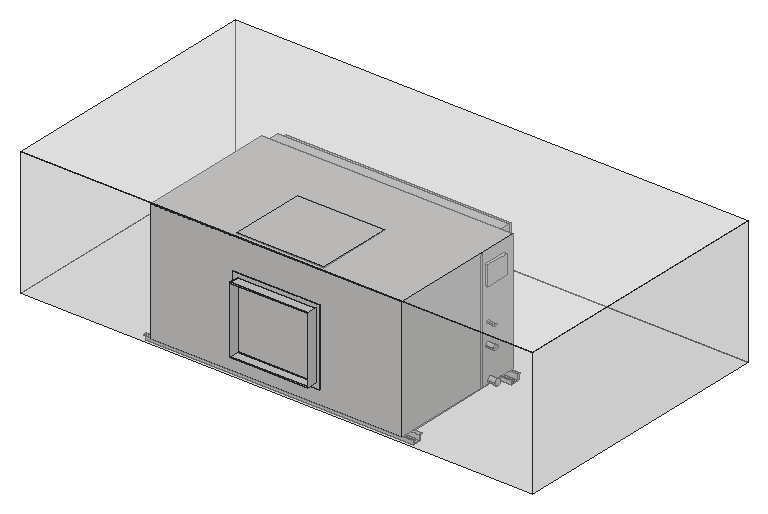
Revit family "outputfile", category 機械設備, Revit 2024
Family settings
  丸型コネクタ寸法 = 半径を使用
  パーツ タイプ = 標準
  OmniClass 番号 = 23.75.10.24.21.27.27
  OmniClass タイトル = Split System Air Conditioning Units
  作業面ベース = いいえ
  常に垂直 = はい
  ロード時にボイドで切り取り = いいえ
  注釈の向きを維持 = いいえ
  共有 = いいえ
  部屋計算ポイント = はい
Parameters (values of type "FBHN125HBY1C")
  Description = ""
  書き出し IFC クラス(タイプ) = "IfcUnitaryEquipmentType"
  定義済み IFC タイプ(タイプ) = "AIRCONDITIONINGUNIT"
  Cost = 0
  Type Comments = ""
  Keynote = ""
  Type Image = (empty or 0)
  Assembly Code = ""
  switch_frequency = yes
  lw_power = 780 mm
  lw_box = 21 mm
  lw_RA = 733.5 mm
  lh_liquidpipe_2 = 738 mm
  lh_height_SA = 408 mm
  lh_ld_mountinghole_height = 35 mm
  lh_height_RA = 646 mm
  lh_hangerfixture = 35 mm
  lh_gaspipe_2 = 638 mm
  lh_box_top = 65 mm
  lh_box = 120 mm
  lh_SA = 351 mm
  lh_RA = 413 mm
  ld_depth_SA = 60 mm
  ld_depth_RA = 130 mm
  ld_box_left = 630 mm
  ld_box = 141 mm
  connector_voltage = 0 V
  connector_powerinput = [Power Input (Cooling)]  # 11.350 kW
  connector_phase = 1
  Voltage_comment_50Hz = "380 - 415"
  Voltage_50Hz = 400 V
  URL = ""
  Supply Air Direction [instance] = yes
  製造元 = "Daikin"
  モデル = "FBHN125HBY1C"
  w_pipe = 33 mm
  r_Liquid Pipe Size = Liquid Pipe Size / 2  # 6.35 mm
  r_Gas Pipe Size = Gas Pipe Size / 2  # 14.3 mm
  r_Drain Pipe Size = Drain Pipe Size / 2  # 17.0 mm
  lw_width_RA = 1377 mm
  lw_width_SA = 474 mm
  ld_suctionflange [instance] = 190 mm
  ld_powersupply = 275 mm
  Sound Power Level_H speed (dB) = 0
  Phase_50Hz = 3
  Minimum External Static Pressure = 0.00 Pa
  Minimum Circuit Amps_50Hz = 0.0 A
  Maximum Fuse Amps_50Hz = 0.0 A
  Maximum External Static Pressure = 150.00 Pa
  Material_Casing = DAIKIN_GalvanizedSteel_Casing_indoorunit
  lw_liquidpipe = 822 mm
  lw_gaspipe = 822 mm
  lw_mountinghole_pitch = 1600 mm
  lw_mountinghole = 1640 mm
  lw_drainpipe = 822 mm
  lh_powersupply = 425 mm
  lh_liquidpipe = 384 mm
  lh_gaspipe = 259 mm
  lh_mountinghole = 2.3 mm
  lh_drainpipe = 61 mm
  lh_antena = Height - lh_mountinghole + 1 mm  # 774.7 mm
  ld_liquidpipe = 225 mm
  ld_gaspipe = 225 mm
  ld_mountinghole_pitch = 754 mm
  ld_drainpipe = 242 mm
  h*** = 0 mm  # constant formula
  d_dischargeflange = ld_depth_SA  # 60 mm
  Width = 1540 mm
  Version = "ver.1.0"
  Unit Type = "Duct"
  Unit Mass Weight = 159.00 kg
  Unit Designation [instance] = ""
  Uniclass2015Version = "Products v1.30"
  Uniclass2015Title = "Split coil room air conditioning units"
  Uniclass2015Code = "Pr_70_65_03_86"
  Total Cooling Capacity [instance] = 0.000 kW
  Sound Pressure Level_M speed (dBA) = 0
  Sound Pressure Level_L speed (dBA) = 0
  Sound Pressure Level_H speed (dBA) = 53
  Series = "Package Aircon_Fan Coil Unit"
  Sensible Cooling Capacity [instance] = 0.000 kW
  SA Duct Size Width = 474 mm
  SA Duct Size Height = 408 mm
  Refrigerant Type = "R410A"
  RA Duct Size Width = 1377 mm
  RA Duct Size Height = 646 mm
  Power Input (Cooling) = 11.350 kW
  Option Accessory 3 [instance] = ""
  Option Accessory 2 [instance] = ""
  Option Accessory 1 [instance] = ""
  Nominal Cooling Capacity = 36.600 kW
  Minimum Airflow = 0.00 m³/h
  Median Airflow = 0.00 m³/h
  Maximum Airflow = 6371.00 m³/h
  Load Classification = HVAC
  Liquid Pipe Size = 12.7 mm
  Link_Nested Family [instance] = ""
  IfcVersion = ""
  IfcExportType = "AIRCONDITIONINGUNIT"
  IfcExportAs = "IfcUnitaryEquipmentType"
  Height = 776 mm
  Heat Exchanger Type = "Cross Fin Coil"
  Gas Pipe Size = 28.6 mm
  Frequency_50Hz = 50 Hz
  Fan Type = "Sirocco Fan"
  Fan Drive = "-"
  FCU Tag No. [instance] = ""
  Drain Pipe Size = 34.0 mm
  Design Supply Airflow [instance] = 0.00 m³/h
  Design Return Airflow [instance] = 0.00 m³/h
  Design External Static Pressure [instance] = 0.00 Pa
  Depth = 850 mm
  既定の高さ = 0 mm
  Cooling Entering Wet Bulb Temperature [instance] = 0.00 °C
  Cooling Entering Dry Bulb Temperature [instance] = 0.00 °C
  Cooling Ambient Wet Bulb Temperature [instance] = 0.00 °C
  Cooling Ambient Dry Bulb Temperature [instance] = 0.00 °C
  Clearance visibility [instance] = yes
  Clearance Top = 0 mm
  Clearance Right = 800 mm
  Clearance Rear = 800 mm
  Clearance Left = 800 mm
  Clearance Front = 0 mm
  Clearance Bottom = 0 mm
Reference planes
  plane 1 "Center (Front/Back)": y = 0
  plane 2: z = 0
  plane 3 "Center (Left/Right)": x = 0
  plane 4 "Back": y = 425
  plane 5 "Front": y = -425
  plane 6 "Left": x = -770
  plane 7 "Right": x = 770
  plane 8 "Top": z = 0
  plane 9 "Bottom": z = -776
  plane 10: z = -392
  plane 11: z = -517
  plane 12: x = -800
  plane 13: x = 800
  plane 14: x = 822
  plane 15: x = 822
  plane 16: z = -773.7
  plane 17 "Clearance Left": x = -1570
  plane 18 "Clearance Right": x = 1570
  plane 19 "Clearance Rear": y = 1225
  plane 20 "Clearance Front": y = -425
  plane 21 "Clearance Bottom": z = -776
  plane 22: z = -715
  plane 23 "ld_gas": y = 225
  plane 24: y = 225
  plane 25: y = -30
  plane 26: y = 242
  plane 27: y = 235
  plane 28: x = 822
  plane 29: y = 377
  plane 30: y = -377
  plane 31: y = -485
  plane 32: y = 555
  plane 33 "Clearance Top": z = 0
  plane 34: z = -351
  plane 35: y = 275
  plane 36 "hangerfixture": z = -741
  plane 37 "lh_SA": z = -425
  plane 38 "lh_RA": z = -363
  plane 39 "RA_center": x = -36.5
  plane 40: x = 886
  plane 41: x = 791
  plane 42: y = 205
  plane 43: y = 346
  plane 44 "box_bottom": z = -185
  plane 45 "box_top": z = -65
  plane 46: x = -267
  plane 47: x = 267
  plane 48: y = -394.5
  plane 49: y = 73.5
  plane 50 "lw_power": x = 780
  plane 51: z = -38
  plane 52: z = -138
  plane 53: z = -1
Forms (mm)
  Extrusion 1, solid, material "DAIKIN_GalvanizedSteel_Casing_indoorunit" <- "Material_Casing"
    sketch origin (0, -0.8, 0) x (1, 0, 0) y (0, 1, 0)
      loop
        line (-770, -424.2) -> (770, -424.2) -> (770, 425.8) -> (-770, 425.8) -> (-770, -424.2)
    from -741 to -1
  Revolve 2, solid, material "DAIKIN_GalvanizedSteel_Casing_indoorunit" <- "Material_Casing"
    sketch origin (0, 0, -517) x (0, -1, 0) y (1, 0, 0)
      loop
        line (-210.7, 770) -> (-210.7, 822) -> (-225, 822) -> (-225, 770) -> (-210.7, 770)
      axis (-225, 770) -> (-225, 822)
    angle from 0 to 360
  Revolve 3, solid, material "DAIKIN_GalvanizedSteel_Casing_indoorunit" <- "Material_Casing"
    sketch origin (0, 0, -392) x (0, -1, 0) y (1, 0, 0)
      loop
        line (-225, 770) -> (-225, 822) -> (-231.35, 822) -> (-231.35, 770) -> (-225, 770)
      axis (-225, 822) -> (-225, 770)
    angle from 0 to 360
  Extrusion 4, solid, material "DAIKIN_GalvanizedSteel_Casing_indoorunit" <- "Material_Casing"
    sketch origin (0, 0, 0) x (0, 1, 0) y (0, 0, 1)
      loop
        circle (242, -715) r 17
    from 822 to 770
  Extrusion 5, solid, material "DAIKIN_GalvanizedSteel_Casing_indoorunit" <- "Material_Casing"
    sketch origin (0, 0, 0) x (1, 0, 0) y (0, 1, 0)
      loop
        line (791, 205) -> (791, 346) -> (770, 346) -> (770, 205) -> (791, 205)
    from -185 to -65
  Extrusion 6, solid, material "DAIKIN_GalvanizedSteel_Casing_indoorunit" <- "Material_Casing"
    sketch origin (0, 0, 0) x (-1, 0, 0) y (0, -1, 0)
      loop
        line (267, -73.5) -> (267, 394.5) -> (-267, 394.5) -> (-267, -73.5) -> (267, -73.5)
    from -1 to 0
  Extrusion 7, solid, material "DAIKIN_GalvanizedSteel_Casing_indoorunit" <- "Material_Casing"
    sketch origin (0, 0, 0) x (0, 1, 0) y (0, 0, 1)
      loop
        line (-339, -741) -> (-339, -743.3) -> (339, -743.3) -> (339, -741) -> (-339, -741)
    from -770 to 770
  Extrusion 8, solid, material "DAIKIN_GalvanizedSteel_Casing_indoorunit" <- "Material_Casing"
    sketch origin (770, 0, 0) x (0, 1, 0) y (0, 0, 1)
      loop
        line (174, -1) -> (174, -741) -> (184, -741) -> (184, -1) -> (174, -1)
    from 0 to 1
Dimensions and locks
  equal spacing: plane 12, plane 3 "Center (Left/Right)", plane 13
  "lw_mountinghole_pitch": plane 12 to plane 13
  "lh_liquidpipe": plane 10 to plane 9 "Bottom"
  "lh_gaspipe": plane 11 to plane 9 "Bottom"
  equal spacing: plane 6 "Left", plane 3 "Center (Left/Right)", plane 7 "Right"
  "Width": plane 6 "Left" to plane 7 "Right"
  "Clearance Right": plane 7 "Right" to plane 18 "Clearance Right"
  "Clearance Left": plane 17 "Clearance Left" to plane 6 "Left"
  "Clearance Rear": plane 19 "Clearance Rear" to plane 4 "Back"
  "Clearance Front": plane 5 "Front" to plane 20 "Clearance Front"
  "Depth": plane 4 "Back" to plane 5 "Front"
  equal spacing: plane 4 "Back", plane 1 "Center (Front/Back)", plane 5 "Front"
  "ld_suctionflange": plane 4 "Back" to plane 27
  "r_Liquid Pipe Size": nested 5 to Revolve 3 sketch curve
  equal spacing: plane 29, plane 1 "Center (Front/Back)", plane 30
  "ld_mountinghole_pitch": plane 29 to plane 30
  "lw_liquidpipe": plane 3 "Center (Left/Right)" to plane 14
  "lw_gaspipe": plane 3 "Center (Left/Right)" to plane 15
  "lw_drainpipe": plane 3 "Center (Left/Right)" to plane 28
  "lh_drainpipe": plane 22 to plane 9 "Bottom"
  "Clearance Top": plane 33 "Clearance Top" to plane 8 "Top"
  "Clearance Bottom": plane 9 "Bottom" to plane 21 "Clearance Bottom"
  "lh_powersupply": plane 34 to plane 9 "Bottom"
  level to plane 8 "Top" = 0 mm
  "lh_hangerfixture": plane 36 "hangerfixture" to plane 9 "Bottom"
  "lh_SA": plane 37 "lh_SA" to plane 9 "Bottom"
  "ld_depth_SA": plane 5 "Front" to plane 31
  "ld_depth_RA": plane 32 to plane 4 "Back"
  "lh_RA": plane 38 "lh_RA" to plane 9 "Bottom"
  "lw_RA": plane 6 "Left" to plane 39 "RA_center"
  "ld_box_left": plane 42 to plane 5 "Front"
  "ld_box": plane 43 to plane 42
  "lw_box": plane 7 "Right" to plane 41
  "lh_box": plane 45 "box_top" to plane 44 "box_bottom"
  plane 46 to plane 3 "Center (Left/Right)" to plane 47 = 267 mm locked, 267 mm locked
  plane 49 to plane 48 to plane 5 "Front" = 468 mm locked, 30.5 mm locked
  "lw_power": plane 3 "Center (Left/Right)" to plane 50 "lw_power"
  "lh_gaspipe_2": plane 52 to plane 9 "Bottom"
  "lh_liquidpipe_2": plane 51 to plane 9 "Bottom"
  "ld_powersupply": plane 1 "Center (Front/Back)" to plane 35
  "ld_drainpipe": plane 26 to plane 1 "Center (Front/Back)"
  "ld_gaspipe": plane 23 "ld_gas" to plane 1 "Center (Front/Back)"
  "r_Gas Pipe Size": plane 23 "ld_gas" to Revolve 2 sketch curve
  "ld_liquidpipe": plane 24 to plane 1 "Center (Front/Back)"
  "Height": plane 8 "Top" to plane 9 "Bottom"
  "lh_mountinghole": plane 16 to plane 9 "Bottom"
  locked: plane 8 "Top" to plane 53 at 1
  Extrusion 8 sketch curve to Extrusion 8 sketch curve to plane 4 "Back" = 10 mm locked, 241 mm locked
  "lh_box_top": plane 8 "Top" to plane 45 "box_top"
  "r_Drain Pipe Size": radius of Extrusion 4 sketch curve
  aligned and locked: level to plane 2
  aligned and locked: Revolve 2 sketch curve to Revolve 2 sketch curve
  aligned and locked: plane 14 to nested 5
  aligned and locked: nested 5 to plane 10
  aligned and locked: plane 13 to nested 2
  aligned and locked: plane 12 to nested 3
  aligned and locked: plane 12 to nested 4
  aligned and locked: nested 6 to plane 11
  aligned and locked: plane 23 "ld_gas" to nested 6
  aligned and locked: plane 24 to nested 5
  aligned and locked: Extrusion 4 sketch curve to plane 26
  aligned and locked: nested 11 to plane 19 "Clearance Rear"
  aligned and locked: plane 18 "Clearance Right" to nested 11
  aligned and locked: plane 17 "Clearance Left" to nested 11
  aligned and locked: nested 11 to plane 20 "Clearance Front"
  aligned and locked: plane 28 to Extrusion 4
  aligned and locked: plane 15 to nested 6  (x2)
  aligned and locked: plane 13 to nested 1
  aligned and locked: plane 26 to nested 7
  aligned and locked: nested 7 to plane 22
  aligned and locked: nested 7 to plane 28
  aligned and locked: nested 9 to plane 1 "Center (Front/Back)"
  aligned and locked: plane 3 "Center (Left/Right)" to nested 9
  aligned and locked: plane 29 to nested 1
  aligned and locked: plane 30 to nested 2
  aligned and locked: nested 4 to plane 29
  aligned and locked: nested 3 to plane 30
  aligned and locked: nested 10 to plane 4 "Back"
  aligned and locked: nested 8 to plane 31
  aligned and locked: plane 32 to nested 14
  aligned and locked: plane 3 "Center (Left/Right)" to nested 13
  aligned and locked: nested 11 to plane 33 "Clearance Top"
  aligned and locked: nested 11 to plane 21 "Clearance Bottom"
  aligned and locked: nested 12 to plane 9 "Bottom"
  aligned and locked: plane 36 "hangerfixture" to Extrusion 1
  aligned and locked: plane 37 "lh_SA" to nested 8
  aligned and locked: Extrusion 1 to plane 5 "Front"
  aligned and locked: nested 13 to plane 31
  aligned and locked: plane 37 "lh_SA" to nested 13
  aligned and locked: Extrusion 1 to plane 4 "Back"
  aligned and locked: plane 38 "lh_RA" to nested 10
  aligned and locked: nested 14 to plane 38 "lh_RA"
  aligned and locked: plane 39 "RA_center" to nested 10
  aligned and locked: nested 14 to plane 39 "RA_center"
  aligned and locked: plane 43 to Extrusion 5 sketch curve
  aligned and locked: Extrusion 5 sketch curve to plane 42
  aligned and locked: plane 45 "box_top" to Extrusion 5
  aligned and locked: Extrusion 5 to plane 44 "box_bottom"
  aligned and locked: Extrusion 6 sketch curve to plane 49
  aligned and locked: Extrusion 6 sketch curve to plane 46
  aligned and locked: plane 48 to Extrusion 6 sketch curve
  aligned and locked: plane 47 to Extrusion 6 sketch curve
  aligned and locked: nested 16 to plane 51
  aligned and locked: nested 17 to plane 52
  aligned and locked: plane 14 to nested 16
  aligned and locked: nested 15 to plane 35
  aligned and locked: Revolve 2 sketch curve to plane 23 "ld_gas"
  aligned and locked: plane 23 "ld_gas" to nested 17
  aligned and locked: plane 24 to nested 16
  aligned and locked: plane 36 "hangerfixture" to Extrusion 7 sketch curve
  aligned and locked: Extrusion 7 sketch curve to nested 12  (x3)
  aligned and locked: Extrusion 7 to plane 6 "Left"
  aligned and locked: plane 7 "Right" to Extrusion 7
  aligned and locked: nested 15 to plane 50 "lw_power"
  aligned and locked: level to plane 8 "Top"
  aligned and locked: Extrusion 5 sketch curve to plane 41
  aligned and locked: plane 7 "Right" to Extrusion 5 sketch curve
  aligned and locked: plane 53 to Extrusion 1
  aligned and locked: Extrusion 6 to plane 53
  aligned and locked: plane 8 "Top" to Extrusion 6
  aligned and locked: Extrusion 4 to plane 7 "Right"
  aligned and locked: Revolve 3 to plane 7 "Right"
  aligned and locked: plane 7 "Right" to Revolve 2
  aligned and locked: nested 15 to plane 45 "box_top"
  aligned and locked: Extrusion 8 sketch curve to plane 36 "hangerfixture"
  aligned and locked: Extrusion 8 sketch curve to plane 53
Automatic sketch dimensions
  Extrusion 1 sketch curve to plane 4 "Back" = 0 mm
  Extrusion 1 sketch curve to plane 6 "Left" = 0 mm
  Extrusion 1 sketch curve to plane 5 "Front" = 0 mm
  Extrusion 1 sketch curve to plane 7 "Right" = 0 mm
  Revolve 3 sketch curve to plane 23 "ld_gas" = 0 mm  (x2)
  Revolve 3 sketch curve to plane 14 = 0 mm  (x2)
  plane 7 "Right" to Revolve 3 sketch curve = 0 mm
  plane 7 "Right" to Revolve 3 sketch curve = 1 mm
  Extrusion 4 sketch curve to plane 22 = 0 mm
  Revolve 2 sketch curve to plane 7 "Right" = 0 mm
  Revolve 2 sketch curve to plane 14 = 0 mm
  plane 7 "Right" to Revolve 2 sketch curve = 2.003 mm
  plane 14 to Revolve 2 sketch curve = 1.003 mm
Nested families
  nested 1: "daikin_mountinghole" at (800, 377, -776), Link_Nested Family <- "Link_Nested Family", h_mountinghole <- "lh_mountinghole", l_antenna <- "lh_antena", type "daikin_mountinghole"
    with show yes, l_antenna 774.7 mm, h_mountinghole 2.3 mm, Link_Nested Family "", d_circle 23 mm
  nested 2: "daikin_mountinghole" at (800, -377, -776), Link_Nested Family <- "Link_Nested Family", h_mountinghole <- "lh_mountinghole", l_antenna <- "lh_antena", type "daikin_mountinghole"
    with show yes, l_antenna 774.7 mm, h_mountinghole 2.3 mm, Link_Nested Family "", d_circle 23 mm
  nested 3: "daikin_mountinghole" at (-800, -377, -776), Link_Nested Family <- "Link_Nested Family", h_mountinghole <- "lh_mountinghole", l_antenna <- "lh_antena", type "daikin_mountinghole"
    with show yes, l_antenna 774.7 mm, h_mountinghole 2.3 mm, Link_Nested Family "", d_circle 23 mm
  nested 4: "daikin_mountinghole" at (-800, 377, -776), Link_Nested Family <- "Link_Nested Family", h_mountinghole <- "lh_mountinghole", l_antenna <- "lh_antena", type "daikin_mountinghole"
    with show yes, l_antenna 774.7 mm, h_mountinghole 2.3 mm, Link_Nested Family "", d_circle 23 mm
  nested 5: "daikin_connector_rotate2" at (0, 225, -392) x (0, 1, 0) z (0, 0, 1), length <- "lw_liquidpipe", built-in parameter 1001364 <- "lh_liquidpipe", radius <- "r_Liquid Pipe Size", type "daikin_connector_rotate2"
    with radius 6.35 mm, length 822 mm, angle_vertical 90.00°
  nested 6: "daikin_connector_rotate2" at (0, 225, -517) x (0, 1, 0) z (0, 0, 1), length <- "lw_gaspipe", built-in parameter 1001364 <- "lh_gaspipe", radius <- "r_Gas Pipe Size", type "daikin_connector_rotate2"
    with radius 14.3 mm, length 822 mm, angle_vertical 90.00°
  nested 7: "daikin_connector_rotate2" at (0, 242, -715) x (0, 1, 0) z (0, 0, 1), built-in parameter 1001364 <- "lh_drainpipe", length <- "lw_drainpipe", radius <- "r_Drain Pipe Size", type "daikin_connector_rotate2"
    with radius 17 mm, length 822 mm, angle_vertical 90.00°
  nested 8: "daikin_connector_rotate2" at (0, -425, -425), length <- "d_dischargeflange", type "daikin_connector_rotate2"
    with radius 10 mm, length 60 mm, angle_vertical 90.00°
  nested 9: "daikin_△_symbolicline" at (-75, -129.904, 9) x (-0.5, 0.866, 0) z (0, 0, 1), visible <- "Supply Air Direction", type "daikin_△_symbolicline"
    with length 300 mm
  nested 10: "daikin_ductflange_FBHN-HBY1C" at (-36.5, 425, -363), material <- "Material_Casing", width <- "lw_width_RA", height <- "lh_height_RA", depth <- "ld_depth_RA", type "daikin_ductflange_FBHN-HBY1C"
    with width 1377 mm, material DAIKIN_GalvanizedSteel_Casing_indoorunit, height 646 mm, depth 130 mm
  nested 11: "daikin_clearancespace" at (0, 400, -387.881), visible <- "Clearance visibility", show <- "Clearance visibility", Link_Nested Family <- "Link_Nested Family", type "daikin_clearancespace"
    with width 3140 mm, show yes, height 776 mm, depth 1650 mm, Link_Nested Family ""
  nested 12: "daikin_hangerfixture_FBHN-HBY1C" at (0, 0, -776), type "daikin_hangerfixture_FBHN-HBY1C"
  nested 13: "daikin_ductflange_FBHN-HBY1C_1" at (0, -416, -614.401), width <- "lw_width_SA", material <- "Material_Casing", height <- "lh_height_SA", depth <- "ld_depth_SA", type "daikin_ductflange_FBHN-HBY1CL_1"
    with width 474 mm, material DAIKIN_GalvanizedSteel_Casing_indoorunit, height 408 mm, depth 60 mm
  nested 14: "daikin_connector_rotate2" at (-36.5, 425, -363) x (-1, 0, 0) z (0, 0, 1), length <- "ld_depth_RA", type "daikin_connector_rotate2"
    with radius 10 mm, length 130 mm, angle_vertical 90.00°
  nested 15: "daikin_connector_rotate2" at (780, 275, -65) x (0, 1, 0) z (1, 0, 0), length <- "lh_box", type "daikin_connector_rotate2"
    with radius 10 mm, length 120 mm, angle_vertical 90.00°
  nested 16: "daikin_connector_rotate2" at (0, 225, -38) x (0, 1, 0) z (0, 0, 1), length <- "lw_liquidpipe", built-in parameter 1001364 <- "lh_liquidpipe", radius <- "r_Liquid Pipe Size", type "daikin_connector_rotate2"
    with radius 6.35 mm, length 822 mm, angle_vertical 90.00°
  nested 17: "daikin_connector_rotate2" at (0, 225, -138) x (0, 1, 0) z (0, 0, 1), length <- "lw_gaspipe", built-in parameter 1001364 <- "lh_gaspipe", radius <- "r_Gas Pipe Size", type "daikin_connector_rotate2"
    with radius 14.3 mm, length 822 mm, angle_vertical 90.00°
Connectors
  piping at (822, 225, -517), diameter 28.6, driven by "r_Gas Pipe Size"
    settings: on nested 6, index 1, connector inside diameter 609.6 mm, connector length 0 mm, flow factor 0, pipe flow 0.00 m³/h, pressure drop 0.0 Pa, fitting loss kfactor 0, connector angle 0.00°, fixture units 0, engagement length 0 mm, angle of deflection 0.00°, flow configuration 1, flow direction 2, fitting loss method 0, system type 29, joint type 0, gender type 0, connector reference index -1, connector utility 0, adjustable connector no, is connector primary yes, connector description "Refrigerant Gas Piping"
  piping at (822, 225, -392), diameter 12.7, driven by "r_Liquid Pipe Size"
    settings: on nested 5, index 2, connector inside diameter 609.6 mm, connector length 0 mm, flow factor 0, pipe flow 0.00 m³/h, pressure drop 0.0 Pa, fitting loss kfactor 0, connector angle 0.00°, fixture units 0, engagement length 0 mm, angle of deflection 0.00°, flow configuration 1, flow direction 1, fitting loss method 0, system type 29, joint type 0, gender type 0, connector reference index -1, connector utility 0, adjustable connector no, is connector primary no, connector description "Refrigerant Liquid Piping"
  piping at (822, 242, -715), diameter 34, driven by "r_Drain Pipe Size"
    settings: on nested 7, index 3, connector inside diameter 609.6 mm, connector length 0 mm, flow factor 0, pipe flow 0.00 m³/h, pressure drop 0.0 Pa, fitting loss kfactor 0, connector angle 0.00°, fixture units 0, engagement length 0 mm, angle of deflection 0.00°, flow configuration 1, flow direction 2, fitting loss method 4, system type 16, joint type 0, gender type 0, connector reference index -1, connector utility 0, adjustable connector no, is connector primary no, connector description "Condensate Drain Piping"
  hvac at (0, -485, -425), driven by "SA Duct Size Height", driven by "SA Duct Size Width"
    settings: on nested 8, index 7, duct flow 0.00 m³/h, flow factor 0, pres drop 0.00 Pa, loss coef 0, conn angle 0.00°, conn width 474.0 mm, conn height 408.0 mm, conn diameter 609.6 mm, duct sys type 1, conn prof type 1, flow config 0, flow direction 2, loss method 4, conn ref index -1, conn util no, is conn primary yes, conn desc "SA Duct"
  hvac at (-36.5, 555, -363), driven by "RA Duct Size Width", driven by "RA Duct Size Height"
    settings: on nested 14, index 8, duct flow 0.00 m³/h, flow factor 0, pres drop 0.00 Pa, loss coef 0, conn angle 0.00°, conn width 1377.0 mm, conn height 646.0 mm, conn diameter 609.6 mm, duct sys type 2, conn prof type 1, flow config 0, flow direction 1, loss method 4, conn ref index -1, conn util no, is conn primary no, conn desc "RA Duct"
  electrical at (780, 275, -185), driven by "Load Classification", driven by "connector_phase", driven by "connector_powerinput", driven by "connector_voltage"
    settings: on nested 15, index 9, voltage 0 V, apparent load 11350 VA, apparent load phase1 0 VA, apparent load phase2 0 VA, apparent load phase3 0 VA, power factor 1, load classification "HVAC", number of poles 1, system type 30, power factor state 1, is connector primary yes, connector utility no, sub classification motor no, connector description "Power Supply"
Definition of nested family "daikin_ductflange_FBHN-HBY1C"
  Parameters (values of type "daikin_ductflange_FDN-HTL")
    width [instance] = 1624 mm
    t2 = 19 mm
    t = 1 mm
    material [instance] = none
    height [instance] = 747 mm
    depth [instance] = 130 mm
    Default Elevation = 0 mm
  Reference planes
    plane 1 "Center (Front/Back)": y = 0
    plane 2: z = 0
    plane 3 "Center (Left/Right)": x = 0
    plane 4: x = -812
    plane 5: x = 812
    plane 6: z = 373.5
    plane 7: z = -373.5
    plane 8: y = 90
    plane 9: y = 130
    plane 10: x = -811
    plane 11: x = 811
    plane 12: z = -372.5
    plane 13: z = 372.5
    plane 14: x = -831
    plane 15: x = 831
    plane 16: z = 392.5
    plane 17: z = -392.5
  Forms (mm)
    Extrusion 1, solid, material <- "material"
      sketch origin (0, 0, 0) x (1, 0, 0) y (0, 0, 1)
        loop
          line (-831, 392.5) -> (-831, -392.5) -> (831, -392.5) -> (831, 392.5) -> (-831, 392.5)
        loop
          line (-812, 373.5) -> (-812, -373.5) -> (812, -373.5) -> (812, 373.5) -> (-812, 373.5)
      from 0 to -90
    Extrusion 2, solid, material <- "material"
      sketch origin (0, 0, 0) x (1, 0, 0) y (0, 0, 1)
        loop
          line (-812, 373.5) -> (-812, -373.5) -> (812, -373.5) -> (812, 373.5) -> (-812, 373.5)
        loop
          line (811, 372.5) -> (-811, 372.5) -> (-811, -372.5) -> (811, -372.5) -> (811, 372.5)
      from -130 to -90
  Cuts and joins
    joined: Extrusion 1, Extrusion 2
  Dimensions and locks
    equal spacing: plane 5, plane 3 "Center (Left/Right)", plane 4
    "width": plane 5 to plane 4
    equal spacing: plane 6, level, plane 7
    "height": plane 6 to plane 7
    locked: plane 1 "Center (Front/Back)" to plane 8 at 90
    "depth": plane 1 "Center (Front/Back)" to plane 9
    "t": plane 6 to plane 13
    "t": plane 12 to plane 7
    "t": plane 5 to plane 11
    "t": plane 10 to plane 4
    "t2": plane 4 to plane 14
    "t2": plane 15 to plane 5
    "t2": plane 16 to plane 6
    "t2": plane 7 to plane 17
    aligned and locked: level to plane 2
    aligned and locked: Extrusion 1 to plane 8
    aligned and locked: plane 1 "Center (Front/Back)" to Extrusion 1
    aligned and locked: Extrusion 2 to plane 9
    aligned and locked: Extrusion 2 to Extrusion 1
    aligned and locked: plane 13 to Extrusion 2 sketch curve
    aligned and locked: plane 11 to Extrusion 2 sketch curve
    aligned and locked: Extrusion 2 sketch curve to plane 12
    aligned and locked: Extrusion 2 sketch curve to plane 10
    aligned and locked: Extrusion 1 sketch curve to plane 16
    aligned and locked: plane 14 to Extrusion 1 sketch curve
    aligned and locked: plane 17 to Extrusion 1 sketch curve
    aligned and locked: Extrusion 1 sketch curve to plane 15
    aligned and locked: Extrusion 1 sketch curve to plane 6
    aligned and locked: Extrusion 1 sketch curve to plane 5
    aligned and locked: plane 4 to Extrusion 1 sketch curve
    aligned and locked: plane 7 to Extrusion 1 sketch curve
  Automatic sketch dimensions
    Extrusion 2 sketch curve to plane 4 = 0 mm
    Extrusion 2 sketch curve to plane 5 = 0 mm
    Extrusion 2 sketch curve to plane 7 = 0 mm
    Extrusion 2 sketch curve to plane 6 = 0 mm
Definition of nested family "daikin_clearancespace"
  Parameters (values of type "daikin_clearancespace")
    Description = "daikin_clearancespace"
    width [instance] = 1823.963 mm
    show [instance] = yes
    material = none
    height [instance] = 1359.762 mm
    depth [instance] = 880 mm
    Default Elevation = 0 mm
    Link_Nested Family [instance] = ""
  Reference planes
    plane 1 "Center (Front/Back)": y = 0
    plane 2 "Center (Elevation)": z = -0.119
    plane 3 "Center (Left/Right)": x = 0
    plane 4: y = 440
    plane 5: y = -440
    plane 6 "Right": x = 911.982
    plane 7 "Left": x = -911.982
    plane 8 "Top": z = 679.762
    plane 9 "Bottom": z = -680
  Forms (mm)
    Extrusion 1, solid, material <- "material", visible <- "show"
      sketch origin (0, 0, 0) x (1, 0, 0) y (0, 1, 0)
        loop
          line (-911.982, 440) -> (-911.982, -440) -> (911.982, -440) -> (911.982, 440) -> (-911.982, 440)
      from -680 to 679.762
  Lines and regions (mm)
    symbolic lines, visible <- "show"
      curve 1: line (911.982, 440, 0) -> (-911.982, 440, 0)
      curve 2: line (-911.982, 440, 0) -> (-911.982, -440, 0)
      curve 3: line (-911.982, -440, 0) -> (911.982, -440, 0)
      curve 4: line (911.982, -440, 0) -> (911.982, 440, 0)
      curve 5: line (911.982, 0, 679.762) -> (-911.982, 0, 679.762)
      curve 6: line (911.982, 0, -680) -> (911.982, 0, 679.762)
      curve 7: line (-911.982, 0, -680) -> (911.982, 0, -680)
      curve 8: line (-911.982, 0, 679.762) -> (-911.982, 0, -680)
      curve 9: line (0, 440, 679.762) -> (0, -440, 679.762)
      curve 10: line (0, -440, 679.762) -> (0, -440, -680)
      curve 11: line (0, 440, -680) -> (0, 440, 679.762)
      curve 12: line (0, -440, -680) -> (0, 440, -680)
  Dimensions and locks
    "width": plane 7 "Left" to plane 6 "Right"
    "depth": plane 4 to plane 5
    "height": plane 8 "Top" to plane 9 "Bottom"
    equal spacing: plane 7 "Left", plane 3 "Center (Left/Right)", plane 6 "Right"
    equal spacing: plane 4, plane 1 "Center (Front/Back)", plane 5
    equal spacing: plane 8 "Top", plane 2 "Center (Elevation)", plane 9 "Bottom"
    aligned and locked: level to plane 2 "Center (Elevation)"
    aligned and locked: Extrusion 1 sketch curve to plane 4
    aligned and locked: plane 7 "Left" to Extrusion 1 sketch curve
    aligned and locked: Extrusion 1 sketch curve to plane 5
    aligned and locked: Extrusion 1 sketch curve to plane 6 "Right"
    aligned and locked: plane 8 "Top" to Extrusion 1
    aligned and locked: curve 1 to Extrusion 1
    aligned and locked: curve 2 to Extrusion 1
    aligned and locked: curve 3 to Extrusion 1
    aligned and locked: curve 4 to Extrusion 1
    aligned and locked: curve 5 to Extrusion 1
    aligned and locked: curve 6 to Extrusion 1
    aligned and locked: curve 7 to Extrusion 1
    aligned and locked: curve 8 to Extrusion 1
    aligned and locked: curve 9 to Extrusion 1
    aligned and locked: curve 10 to Extrusion 1
    aligned and locked: curve 11 to Extrusion 1
    aligned and locked: curve 12 to Extrusion 1
    aligned and locked: Extrusion 1 to plane 9 "Bottom"
Definition of nested family "daikin_hangerfixture_FBHN-HBY1C"
  Parameters (values of type "daikin_hangerfixture_FDN-HTL")
    width = 1600 mm
    material = none
    height = 35 mm
    e = 38 mm
    depth = 754 mm
    Default Elevation = 0 mm
    G = 1640 mm
    E = 50 mm
  Reference planes
    plane 1 "Center (Front/Back)": y = 0
    plane 2: z = 0
    plane 3 "Center (Left/Right)": x = 0
    plane 4: x = 800
    plane 5: x = -800
    plane 6: z = 35
    plane 7: y = 377
    plane 8: y = -377
    plane 9: x = -820
    plane 10: x = 820
    plane 11: y = 415
    plane 12: y = -415
    plane 13: y = -339
    plane 14: y = 339
  Forms (mm)
    Extrusion 1, solid
      sketch origin (0, 0, 0) x (0, 1, 0) y (0, 0, 1)
        loop
          line (-354, 35) -> (-354, 2.3) -> (-400, 2.3) -> (-400, 35) -> (-415, 35) -> (-415, 32.7) -> (-402.3, 32.7) -> (-402.3, 0) -> (-351.7, 0) -> (-351.7, 32.7) -> (-339, 32.7) -> (-339, 35) -> (-354, 35)
        loop
          line (354, 35) -> (339, 35) -> (339, 32.7) -> (351.7, 32.7) -> (351.7, 0) -> (402.3, 0) -> (402.3, 32.7) -> (415, 32.7) -> (415, 35) -> (400, 35) -> (400, 2.3) -> (354, 2.3) -> (354, 35)
      from -820 to 820
    Extrusion 2, void
      sketch origin (0, 0, 0) x (1, 0, 0) y (0, 1, 0)
        loop
          circle (-800, 377) r 7.5
        loop
          circle (-800, -377) r 7.5
        loop
          circle (800, -377) r 7.5
        loop
          circle (800, 377) r 7.5
      from 0 to 9
  Cuts and joins
    Extrusion 2 cuts Extrusion 1
  Dimensions and locks
    "width": plane 5 to plane 4
    equal spacing: plane 5, plane 3 "Center (Left/Right)", plane 4
    "depth": plane 8 to plane 7
    equal spacing: plane 8, plane 1 "Center (Front/Back)", plane 7
    "height": plane 6 to level
    "e": plane 7 to plane 11
    "e": plane 12 to plane 8
    equal spacing: Extrusion 1 sketch curve, plane 8, Extrusion 1 sketch curve  (x2)
    "e": Extrusion 1 sketch curve to plane 8 to Extrusion 1 sketch curve
    locked: Extrusion 1 sketch curve to level at 2.3  (x2)
    "e": plane 7 to Extrusion 1 sketch curve  (x2)
    equal spacing: Extrusion 1 sketch curve, plane 7, Extrusion 1 sketch curve  (x2)
    equal spacing: plane 9, plane 3 "Center (Left/Right)", plane 10
    "G": plane 9 to plane 10
    aligned and locked: level to plane 2
    aligned and locked: plane 6 to Extrusion 1 sketch curve  (x2)
    aligned and locked: Extrusion 1 sketch curve to level
    aligned and locked: level to Extrusion 1 sketch curve
    aligned and locked: Extrusion 1 to plane 9
    aligned and locked: plane 10 to Extrusion 1
    aligned and locked: plane 7 to Extrusion 2 sketch curve  (x2)
    aligned and locked: plane 5 to Extrusion 2 sketch curve  (x2)
    aligned and locked: plane 8 to Extrusion 2 sketch curve  (x2)
    aligned and locked: plane 4 to Extrusion 2 sketch curve  (x2)
    aligned and locked: cut or joined group of Extrusion 1, Extrusion 2 to plane 14  (x2)
    aligned and locked: plane 13 to cut or joined group of Extrusion 1, Extrusion 2
  Automatic sketch dimensions
    Extrusion 1 sketch curve to plane 6 = 0 mm  (x2)
    Extrusion 1 sketch curve to plane 6 = 2.3 mm  (x3)
    Extrusion 1 sketch curve to plane 12 = 12.7 mm
    Extrusion 1 sketch curve to Extrusion 1 sketch curve = 2.3 mm  (x3)
    plane 14 to Extrusion 1 sketch curve = 12.7 mm
    radius of Extrusion 2 sketch curve = 7.5 mm  (x4)
Definition of nested family "daikin_ductflange_FBHN-HBY1C_1"
  Parameters (values of type "daikin_ductflange_FDN-HTL_1")
    width [instance] = 474 mm
    t3 = 9 mm
    t2 = 30 mm
    t [instance] = 1.2 mm
    material [instance] = none
    height [instance] = 408 mm
    depth [instance] = 60 mm
    Default Elevation = 0 mm
  Reference planes
    plane 1 "Center (Front/Back)": y = 0
    plane 2: z = 189.401
    plane 3 "Center (Left/Right)": x = 0
    plane 4: y = 0
    plane 5: y = -69
    plane 6: y = -9
    plane 7: z = 394.601
    plane 8: z = -15.799
    plane 9: x = -237
    plane 10: x = 237
    plane 11: x = -238.2
    plane 12: x = 238.2
    plane 13: z = 393.401
    plane 14: z = -14.599
    plane 15: x = -267
    plane 16: z = 423.401
    plane 17: z = -44.599
    plane 18: x = 267
  Forms (mm)
    Extrusion 1, solid, material <- "material"
      sketch origin (0, 0, 0) x (1, 0, 0) y (0, 0, 1)
        loop
          line (-238.2, 394.601) -> (-238.2, -15.799) -> (238.2, -15.799) -> (238.2, 394.601) -> (-238.2, 394.601)
        loop
          line (-237, 393.401) -> (-237, -14.599) -> (237, -14.599) -> (237, 393.401) -> (-237, 393.401)
      from 9 to 69
    Extrusion 2, solid, material <- "material"
      sketch origin (0, 0, 0) x (1, 0, 0) y (0, 0, 1)
        loop
          line (-267, 423.401) -> (-267, -44.599) -> (267, -44.599) -> (267, 423.401) -> (-267, 423.401)
        loop
          line (-237, 393.401) -> (-237, -14.599) -> (237, -14.599) -> (237, 393.401) -> (-237, 393.401)
      from 0 to 9
  Cuts and joins
    joined: Extrusion 1, Extrusion 2
  Dimensions and locks
    plane 4 to plane 1 "Center (Front/Back)" = 0 mm
    equal spacing: plane 7, level, plane 8
    "height": plane 13 to plane 14
    equal spacing: plane 10, plane 3 "Center (Left/Right)", plane 9
    "t": plane 9 to plane 11
    "t": plane 12 to plane 10
    "t": plane 7 to plane 13
    "t": plane 14 to plane 8
    "t2": plane 9 to plane 15
    "t2": plane 18 to plane 10
    "t2": plane 16 to plane 13
    "t2": plane 14 to plane 17
    "width": plane 10 to plane 9
    "depth": plane 5 to plane 6
    "t3": plane 6 to plane 4
    aligned and locked: level to plane 2
    aligned and locked: Extrusion 1 sketch curve to plane 7
    aligned and locked: plane 11 to Extrusion 1 sketch curve
    aligned and locked: plane 8 to Extrusion 1 sketch curve
    aligned and locked: Extrusion 1 sketch curve to plane 12
    aligned and locked: Extrusion 1 sketch curve to plane 13
    aligned and locked: plane 9 to Extrusion 1 sketch curve
    aligned and locked: plane 14 to Extrusion 1 sketch curve
    aligned and locked: Extrusion 1 sketch curve to plane 10
    aligned and locked: plane 6 to Extrusion 1
    aligned and locked: Extrusion 1 to plane 5
    aligned and locked: Extrusion 2 sketch curve to plane 16
    aligned and locked: plane 15 to Extrusion 2 sketch curve
    aligned and locked: plane 17 to Extrusion 2 sketch curve
    aligned and locked: Extrusion 2 sketch curve to plane 18
    aligned and locked: Extrusion 2 sketch curve to Extrusion 1  (x4)
    aligned and locked: Extrusion 2 to plane 1 "Center (Front/Back)"
    aligned and locked: Extrusion 2 to plane 6
  Automatic sketch dimensions
    Extrusion 2 sketch curve to plane 15 = 0 mm
Definition of nested family "daikin_mountinghole"
  Parameters (values of type "daikin_mountinghole")
    Default Elevation = 1219.2 mm
    Type Comments = "mountinghole"
    show [instance] = yes
    material = none
    l_centerline = 100 mm
    l_antenna [instance] = 100 mm
    h_mountinghole [instance] = 0 mm
    d_circle = 30 mm
    Link_Nested Family [instance] = ""
  Reference planes
    plane 1 "Center (Front/Back)": y = 0
    plane 2: z = 0
    plane 3 "Center (Left/Right)": x = 0
    plane 4: y = 50
    plane 5: x = -50
    plane 6: x = 50
    plane 7: y = -50
    plane 8 "h_mountinghole": z = 0
    plane 9: z = 100
  Lines and regions (mm)
    model lines, detail levels fine
      curve 1: circle (0, 0, 0) r 15 normal (0, 0, 1)
      curve 2: line (-50, 0, 0) -> (50, 0, 0)
      curve 3: line (0, 50, 0) -> (0, -50, 0)
    symbolic lines, detail levels fine
      curve 4: circle (0, 0, 0) r 15 normal (0, 0, 1)
      curve 5: line (-50, 0, 0) -> (50, 0, 0)
      curve 6: line (0, 50, 0) -> (0, -50, 0)
    model lines
      curve 7: line (0, 0, 100) -> (0, 0, 0)
  Dimensions and locks
    equal spacing: plane 4, plane 1 "Center (Front/Back)", plane 7
    "l_centerline": plane 4 to plane 7
    equal spacing: plane 5, plane 3 "Center (Left/Right)", plane 6
    "l_centerline": plane 5 to plane 6
    "l_antenna": plane 9 to plane 8 "h_mountinghole"
    "h_mountinghole": plane 8 "h_mountinghole" to plane 2
    "d_circle": diameter of curve 1
    "d_circle": diameter of curve 4
    aligned and locked: level to plane 2
    aligned and locked: plane 1 "Center (Front/Back)" to curve 1
    aligned and locked: plane 3 "Center (Left/Right)" to curve 1
    aligned and locked: plane 1 "Center (Front/Back)" to curve 2
    aligned and locked: curve 3 to plane 3 "Center (Left/Right)"
    aligned and locked: plane 6 to curve 2
    aligned and locked: plane 5 to curve 2
    aligned and locked: plane 4 to curve 3
    aligned and locked: plane 7 to curve 3
    aligned and locked: plane 1 "Center (Front/Back)" to curve 4
    aligned and locked: plane 3 "Center (Left/Right)" to curve 4
    aligned and locked: plane 6 to curve 5
    aligned and locked: plane 5 to curve 5
    aligned and locked: plane 1 "Center (Front/Back)" to curve 5
    aligned and locked: plane 4 to curve 6
    aligned and locked: plane 7 to curve 6
    aligned and locked: curve 6 to plane 3 "Center (Left/Right)"
    aligned and locked: curve 7 to plane 3 "Center (Left/Right)"
    aligned and locked: plane 9 to curve 7
    aligned and locked: plane 8 "h_mountinghole" to curve 7
Definition of nested family "daikin_connector_rotate2"
  Parameters (values of type "daikin_connector_rotate2")
    show_face = no
    radius [instance] = 10 mm
    length [instance] = 600 mm
    d_surface = 10 mm
    angle_vertical [instance] = 90.00°
    Default Elevation = 0 mm
  Reference planes
    plane 1 "Center (Front/Back)": y = 0
    plane 2: z = 0
    plane 3 "Center (Left/Right)": x = 0
  Forms (mm)
    Extrusion 1, solid, visible <- "show_face"
      sketch origin (0, -600, 0) x (1, 0, 0) y (0, 0, 1)
        loop
          circle (0, 0) r 10
      from 0 to -10
  Lines and regions (mm)
    reference lines
      curve 1: line (0, 0, 0) -> (0, -600, 0)
    symbolic lines
      curve 2: circle (0, 0, 0) r 5 normal (0, 0, 1)
    model lines, visible <- "show_face"
      curve 3: line (0, 0, 0) -> (0, -600, 0)
  Dimensions and locks
    "length": curve 1 to curve 1
    "length": curve 3 to curve 3
    "d_surface": Extrusion 1 to Extrusion 1
    "radius": radius of Extrusion 1 sketch curve
    "angle_vertical": angle curve 1 to plane 1 "Center (Front/Back)"
    "angle_vertical": angle curve 3 to plane 1 "Center (Front/Back)"
    aligned and locked: level to plane 2
    aligned and locked: plane 1 "Center (Front/Back)" to curve 1
    aligned and locked: plane 2 to curve 1
    aligned and locked: plane 1 "Center (Front/Back)" to curve 2
    aligned and locked: plane 3 "Center (Left/Right)" to curve 2
    aligned and locked: plane 1 "Center (Front/Back)" to curve 3
    aligned and locked: plane 2 to curve 3
    aligned and locked: Extrusion 1 to Extrusion 1
  Automatic sketch dimensions
    Extrusion 1 sketch curve to level = 0 mm
    Extrusion 1 sketch curve to plane 3 "Center (Left/Right)" = 0 mm
    radius of curve 2 = 5 mm
Definition of nested family "daikin_△_symbolicline"
  Parameters (values of type "daikin_△_symbolicline")
    length [instance] = 500 mm
    Default Elevation = 0 mm
  Reference planes
    plane 1 "Center (Front/Back)": y = 0
    plane 2: z = 0
    plane 3 "Center (Left/Right)": x = 0
  Lines and regions (mm)
    symbolic lines
      curve 1: line (0, -433.013, 0) -> (250, 0, 0)
      curve 2: line (250, 0, 0) -> (-250, 0, 0)
      curve 3: line (-250, 0, 0) -> (0, -433.013, 0)
  Dimensions and locks
    equal spacing: curve 3, plane 3 "Center (Left/Right)", curve 2
    "length": curve 3 to curve 2
    "length": curve 3 to curve 3
    "length": curve 1 to curve 1
    aligned and locked: level to plane 2
    aligned and locked: curve 2 to plane 1 "Center (Front/Back)"
    aligned and locked: plane 3 "Center (Left/Right)" to curve 3
